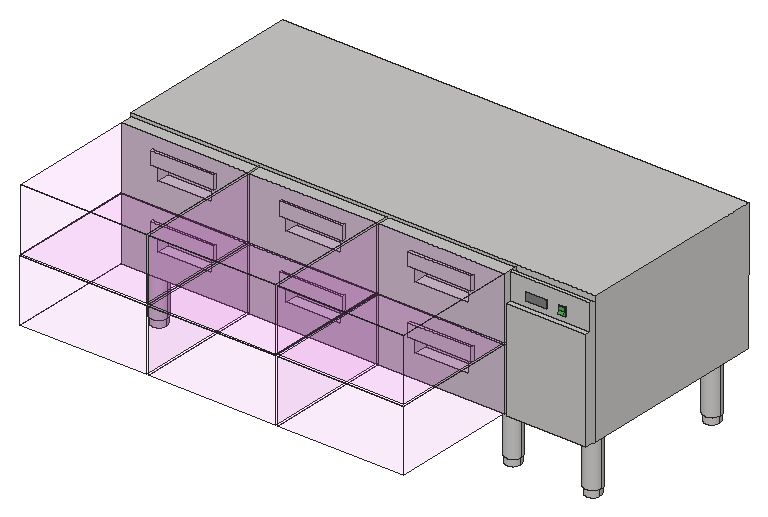
Revit family "QF_ELECTROLUXPROFESSIONAL_371376_E7TTBPCOMKN", category Specialty Equipment, Revit 2018 (continued)
Automatic sketch dimensions
  Split face 144 sketch curve to Split face 144 sketch curve = 4 mm
  Split face 145 sketch curve to Extrusion 6 = 54.499 mm
  Split face 145 sketch curve to Split face 145 sketch curve = 0.02 mm  (x2)
  Split face 145 sketch curve to Extrusion 6 = 22.519 mm
  Split face 145 sketch curve to Extrusion 6 = 86.503 mm
  Split face 145 sketch curve to Split face 145 sketch curve = 4 mm
  Split face 146 sketch curve to Extrusion 6 = 54.499 mm
  Split face 146 sketch curve to Split face 146 sketch curve = 0.02 mm  (x2)
  Split face 146 sketch curve to Extrusion 6 = 22.519 mm
  Split face 146 sketch curve to Extrusion 6 = 74.504 mm
  Split face 146 sketch curve to Split face 146 sketch curve = 4 mm
  Split face 147 sketch curve to Extrusion 6 = 54.499 mm
  Split face 147 sketch curve to Split face 147 sketch curve = 0.02 mm  (x2)
  Split face 147 sketch curve to Extrusion 6 = 22.519 mm
  Split face 147 sketch curve to Extrusion 6 = 62.503 mm
  Split face 147 sketch curve to Split face 147 sketch curve = 4 mm
  Split face 148 sketch curve to Extrusion 6 = 54.499 mm
  Split face 148 sketch curve to Split face 148 sketch curve = 0.02 mm  (x2)
  Split face 148 sketch curve to Extrusion 6 = 22.519 mm
  Split face 148 sketch curve to Extrusion 6 = 50.504 mm
  Split face 148 sketch curve to Split face 148 sketch curve = 4 mm
  Split face 149 sketch curve to Extrusion 6 = 54.499 mm
  Split face 149 sketch curve to Split face 149 sketch curve = 0.02 mm  (x2)
  Split face 149 sketch curve to Extrusion 6 = 22.519 mm
  Split face 149 sketch curve to Extrusion 6 = 38.504 mm
  Split face 149 sketch curve to Split face 149 sketch curve = 4 mm
  Split face 150 sketch curve to Extrusion 6 = 22.504 mm
  Split face 150 sketch curve to Extrusion 6 = 54.499 mm
  Split face 150 sketch curve to Split face 150 sketch curve = 0.02 mm  (x2)
  Split face 150 sketch curve to Extrusion 6 = 22.519 mm
  Split face 150 sketch curve to Split face 150 sketch curve = 4 mm
  Split face 151 sketch curve to Extrusion 6 = 22.401 mm
  Split face 151 sketch curve to Extrusion 6 = 54.499 mm
  Split face 151 sketch curve to Split face 151 sketch curve = 0.02 mm  (x2)
  Split face 151 sketch curve to Extrusion 6 = 22.519 mm
  Split face 151 sketch curve to Split face 151 sketch curve = 4 mm
  Extrusion 16 sketch curve to plane 23 = 0 mm
  plane 4 to Extrusion 16 sketch curve = 9.006 mm
  Extrusion 16 sketch curve to plane 3 "Centro (Sinistra/Destra)" = 360.999 mm
  Extrusion 16 sketch curve to Extrusion 16 sketch curve = 123.7 mm
  plane 12 to Extrusion 16 sketch curve = 73.7 mm
  plane 18 to Extrusion 16 sketch curve = 4 mm
  plane 4 to Extrusion 16 sketch curve = 88.212 mm
  Extrusion 16 sketch curve to plane 23 = 55.994 mm
  Extrusion 16 to Extrusion 17 sketch curve = 0 mm
  Extrusion 17 sketch curve to Extrusion 16 = 0 mm  (x3)
  Extrusion 18 sketch curve to Extrusion 16 = 15 mm  (x2)
  Extrusion 16 to Extrusion 18 sketch curve = 31.031 mm
  Extrusion 18 sketch curve to Extrusion 16 = 13.969 mm
  Extrusion 19 sketch curve to plane 23 = 0 mm
  plane 4 to Extrusion 19 sketch curve = 9.006 mm
  plane 3 "Centro (Sinistra/Destra)" to Extrusion 19 sketch curve = 81.031 mm
  Extrusion 19 sketch curve to plane 3 "Centro (Sinistra/Destra)" = 42.668 mm
  plane 4 to Extrusion 19 sketch curve = 88.212 mm
  Extrusion 19 sketch curve to Extrusion 19 sketch curve = 186.601 mm
  Extrusion 19 sketch curve to Extrusion 19 sketch curve = 123.7 mm
  Extrusion 19 sketch curve to plane 23 = 55.994 mm
  Extrusion 19 to Extrusion 20 sketch curve = 0 mm
  Extrusion 20 sketch curve to Extrusion 19 = 0 mm  (x3)
  Extrusion 21 sketch curve to Extrusion 19 = 15 mm  (x2)
  Extrusion 19 to Extrusion 21 sketch curve = 31.031 mm
  Extrusion 21 sketch curve to Extrusion 19 = 13.969 mm
  Extrusion 22 sketch curve to plane 23 = 0 mm
  plane 14 to Extrusion 22 sketch curve = 52 mm
  Extrusion 22 sketch curve to plane 14 = 71.738 mm
  Extrusion 22 sketch curve to plane 17 = 73.339 mm
  plane 4 to Extrusion 22 sketch curve = 9.006 mm
  plane 3 "Centro (Sinistra/Destra)" to Extrusion 22 sketch curve = 88.961 mm
  plane 4 to Extrusion 22 sketch curve = 88.212 mm
  Extrusion 22 sketch curve to plane 23 = 55.994 mm
  Extrusion 23 sketch curve to Extrusion 22 = 0 mm  (x4)
  Extrusion 24 sketch curve to Extrusion 22 = 15 mm  (x2)
  Extrusion 22 to Extrusion 24 sketch curve = 31.031 mm
  Extrusion 24 sketch curve to Extrusion 22 = 13.969 mm
  radius of Extrusion 5 sketch curve = 6 mm
  radius of Split face 2 sketch curve = 1.2 mm
  radius of Split face 3 sketch curve = 1.2 mm
  radius of Split face 4 sketch curve = 1.2 mm
  radius of Split face 5 sketch curve = 1.2 mm
  radius of Split face 6 sketch curve = 1.2 mm
  radius of Split face 7 sketch curve = 1.2 mm
Nested families
  nested 1: "Foot H200" at (-745, -249, 0), type "Foot H200"
  nested 2: "Foot H200" at (-745, 262, 0), type "Foot H200"
  nested 3: "Foot H200" at (471, -249, 0) x (-1, 0, 0) z (0, 0, 1), type "Foot H200"
  nested 4: "Foot H200" at (471, 262, 0) x (-1, 0, 0) z (0, 0, 1), type "Foot H200"
  nested 5: "Foot H200" at (745, -249, 0) x (-1, 0, 0) z (0, 0, 1), type "Foot H200"
  nested 6: "Foot H200" at (745, 262, 0) x (-1, 0, 0) z (0, 0, 1), type "Foot H200"
  nested 7: "01_Refrigerator" at (550, -150, 0), type "01_Refrigerator"
Connectors
  electrical at (758, 190, 189.987)
    settings: on Extrusion 5, index 1, voltage 0 V, apparent load 0 VA, apparent load phase1 0 VA, apparent load phase2 0 VA, apparent load phase3 0 VA, power factor 1, load classification "Altro", number of poles 1, system type 30, power factor state 1, is connector primary yes, connector utility no, sub classification motor no, connector description "Electrical"
Definition of nested family "Foot H200"
  Reference planes
    plane 1 "Centro (Fronte/Retro)": y = 0
    plane 2: z = 0
    plane 3 "Centro (Sinistra/Destra)": x = 0
    plane 4: z = 200
  Forms (mm)
    Revolve 1, solid
      sketch origin (255.05, 0, 608.09) x (0, 0, 1) y (-1, 0, 0)
        loop
          line (-608.09, 255.05) -> (-608.09, 230.05) -> (-583.09, 230.05) -> (-583.09, 226.05) -> (-408.09, 226.05) -> (-408.09, 255.05) -> (-608.09, 255.05)
        axis (-608.09, 255.05) -> (-408.09, 255.05)
      angle from 0 to 360
  Dimensions and locks
    Revolve 1 sketch curve to Revolve 1 sketch curve = 175 mm
    plane 4 to level = 200 mm
    aligned and locked: level to plane 2
    aligned and locked: plane 4 to Revolve 1 sketch curve
    aligned and locked: Revolve 1 sketch curve to level
    aligned and locked: plane 3 "Centro (Sinistra/Destra)" to Revolve 1 sketch curve
Definition of nested family "01_Refrigerator"
  Reference planes
    plane 1 "Center (Front/Back)": y = 0
    plane 2: z = 0
    plane 3 "Center (Left/Right)": x = 0
  Lines and regions (mm)
    detail lines, in view "Ref. Level"
      curve 1: line (0, -60, 0) -> (0, 60, 0)
      curve 2: line (-51.962, 30, 0) -> (51.962, -30, 0)
      curve 3: line (-51.962, -30, 0) -> (51.962, 30, 0)
      curve 4: line (19.116, 56.873, 0) -> (0, 35, 0)
      curve 5: line (0, 35, 0) -> (-19.116, 56.873, 0)
      curve 6: line (-30.311, 17.5, 0) -> (-40, 45.883, 0)
      curve 7: line (-59.736, 11.7, 0) -> (-30.311, 17.5, 0)
      curve 8: line (-30.311, -17.5, 0) -> (-59.736, -11.7, 0)
      curve 9: line (-40, -45.883, 0) -> (-30.311, -17.5, 0)
      curve 10: line (0, -35, 0) -> (-19.116, -56.873, 0)
      curve 11: line (19.116, -56.873, 0) -> (0, -35, 0)
      curve 12: line (30.311, -17.5, 0) -> (39.696, -44.992, 0)
      curve 13: line (58.812, -11.882, 0) -> (30.311, -17.5, 0)
      curve 14: line (30.311, 17.5, 0) -> (58.812, 11.882, 0)
      curve 15: line (39.696, 44.992, 0) -> (30.311, 17.5, 0)
      curve 16: spline (-200, 0, 0) -> (-193.185, -23.294, 0) -> (-173.205, -45, 0) -> (-141.421, -63.64, 0) -> (-100, -77.942, 0) -> (-51.764, -86.933, 0) -> (0, -90, 0) -> (51.764, -86.933, 0) -> (100, -77.942, 0) -> (141.421, -63.64, 0) -> (173.205, -45, 0) -> (193.185, -23.294, 0) -> (200, 0, 0) -> (193.185, 23.294, 0) -> (173.205, 45, 0) -> (141.421, 63.64, 0) -> (100, 77.942, 0) -> (51.764, 86.933, 0) -> (0, 90, 0) -> (-51.764, 86.933, 0) -> (-100, 77.942, 0) -> (-141.421, 63.64, 0) -> (-173.205, 45, 0) -> (-193.185, 23.294, 0) -> (-200, 0, 0)
Types (2, lengths in mm): name | URL | Manufacturer | Phase | Model | Description
  (no name) | 0 | 0 | 0 | 0 | 0
  Standard | "http://professional.electrolux.com" | "Electrolux Professional" | 1 | "E7TTBPCOMKN" | "REFRIGERATED BASE WITH 6 DRAWERS 1600MM-60HZ - R290"
